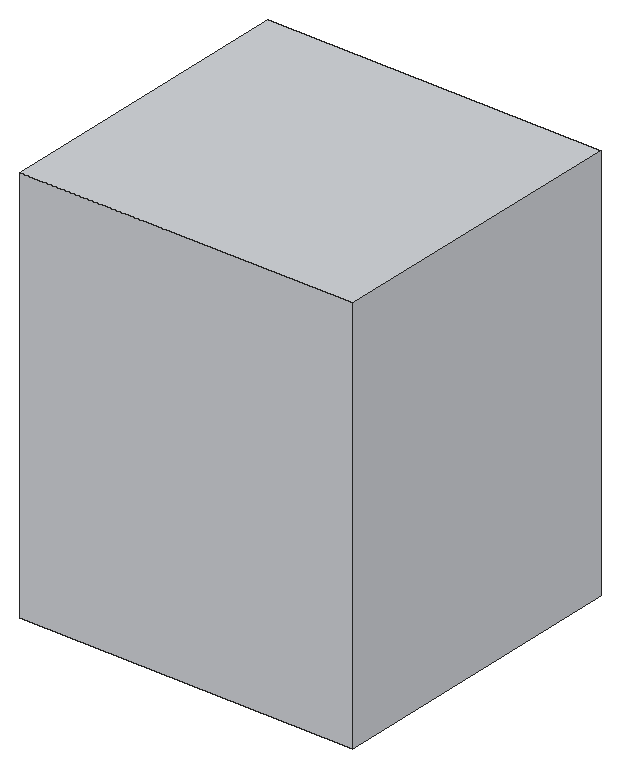
Revit family "M_Vapor conexão", category Terreno, Revit 2019
Family settings
  Cota do conector redondo = Usar raio
  Tipo de parte = Normal
  ID de item do Seek = Steam Connection-0000-CAN-ENU
  Com base no plano de trabalho = Não
  Sempre na vertical = Sim
  Corte com vazios quando carregada = Não
  Compartilhado = Não
Parameters (values of type "1500 mmx1400 mm")
  Largura = 1400 mm
  Raio da saída [instance] = 25 mm
  Diâmetro da saída [instance] = 2 * Raio da saída  # 50 mm
  Comprimento = 1500 mm
  Raio da embocadura [instance] = 25 mm
  Deslocamento de entrada da saída [instance] = 0 mm
  Deslocamento superior da parede do nível [instance] = 200 mm
  Deslocamento central de entrada do nível [instance] = 1000 mm
  Diâmetro da embocadura [instance] = 2 * Raio da embocadura  # 50 mm
  Altura = 1800 mm
  Deslocamento do conector [instance] = 200 mm
Types (3, lengths in mm): name | Largura | Raio da saída | Diâmetro da saída | Comprimento | Raio da embocadura | Diâmetro da embocadura
  (no name) | 1400 | 25 | 50 | 1500 | 25 | 50
  1500 mmx1400 mm | 1400 | 25 | 50 | 1500 | 25 | 50
  2100 mmx2000 mm | 2000 | 100 | 200 | 2100 | 100 | 200
Reference planes
  plane 1 "Centro (Frente/Trás)": y = 0
  plane 2: z = 0
  plane 3 "Centro (Esquerda/Direita)": x = 0
  plane 4: z = -1000
  plane 5: x = 1500
  plane 6: z = -200
  plane 7: z = -2000
  plane 8: y = 700
  plane 9: y = -700
  plane 10: z = -1000
  plane 11: x = 750
  plane 12: y = 200
Forms (mm)
  Extrusion 1, solid
    sketch origin (0, 0, 0) x (1, 0, 0) y (0, 0, 1)
      loop
        line (0, -200) -> (0, -2000) -> (1500, -2000) -> (1500, -200) -> (0, -200)
    from -700 to 700
  Extrusion 2, solid
    sketch origin (0, 0, 0) x (0, 1, 0) y (0, 0, 1)
      loop
        circle (200, -1000) r 25
    from 0 to 304.8
  Extrusion 3, solid
    sketch origin (0, 0, 0) x (0, 1, 0) y (0, 0, 1)
      loop
        circle (200, -1000) r 25
    from 811.822 to 1500
Cuts and joins
  joined: Extrusion 1, Extrusion 2, Extrusion 3
Lines and regions (mm)
  symbolic lines
    curve 1: line (0, 700, 0) -> (1500, 700, 0)
    curve 2: line (0, -700, 0) -> (0, 700, 0)
    curve 3: line (1500, -700, 0) -> (0, -700, 0)
    curve 4: line (1500, 700, 0) -> (1500, -700, 0)
Dimensions and locks
  "Comprimento": plane 5 to plane 3 "Centro (Esquerda/Direita)"
  "Altura": plane 6 to plane 7
  equal spacing: plane 9, plane 1 "Centro (Frente/Trás)", plane 8
  "Largura": plane 8 to plane 9
  "Deslocamento de entrada da saída": plane 10 to plane 4
  "Deslocamento superior da parede do nível": plane 2 to plane 6
  "Deslocamento central de entrada do nível": plane 2 to plane 10
  equal spacing: plane 3 "Centro (Esquerda/Direita)", plane 11, plane 5
  "Deslocamento do conector": plane 12 to plane 1 "Centro (Frente/Trás)"
  "Raio da embocadura": radius of Extrusion 2 sketch curve
  "Raio da saída": radius of Extrusion 3 sketch curve
  aligned and locked: level to plane 2
  aligned and locked: plane 3 "Centro (Esquerda/Direita)" to Extrusion 1 sketch curve
  aligned and locked: Extrusion 1 sketch curve to plane 6
  aligned and locked: plane 7 to Extrusion 1 sketch curve
  aligned and locked: Extrusion 1 sketch curve to plane 5
  aligned and locked: plane 8 to Extrusion 1
  aligned and locked: Extrusion 1 to plane 9
  aligned and locked: plane 10 to Extrusion 2 sketch curve
  aligned and locked: plane 4 to Extrusion 3 sketch curve
  aligned and locked: Extrusion 2 to plane 3 "Centro (Esquerda/Direita)"
  aligned and locked: plane 5 to Extrusion 3
  aligned and locked: plane 1 "Centro (Frente/Trás)" to nested 1
  aligned and locked: plane 11 to nested 1
  aligned and locked: plane 12 to Extrusion 2 sketch curve
  aligned and locked: plane 12 to Extrusion 3 sketch curve
  aligned and locked: plane 9 to curve 3
  aligned and locked: curve 4 to plane 5
  aligned and locked: curve 1 to plane 8
Automatic sketch dimensions
  curve 3 to plane 3 "Centro (Esquerda/Direita)" = 0 mm
Nested families
  nested 1: "Símbolo" at (750, 0, 0), type "Símbolo"
Connectors
  piping at (0, 200, -1000), diameter 50, driven by "Raio da embocadura"
    settings: on Extrusion 2, index 1, connector inside diameter 50 mm, connector length 0 mm, flow factor 0, pipe flow 0.0 L/s, pressure drop 0.0 Pa, fitting loss kfactor 0, connector angle 0.00°, fixture units 0, engagement length 0 mm, angle of deflection 0.00°, flow configuration 0, flow direction 1, fitting loss method 0, system type 29, joint type 0, gender type 0, connector reference index 2, connector utility 1, adjustable connector no, is connector primary yes, connector description "Entrada de vapor"
  piping at (1500, 200, -1000), diameter 50, driven by "Raio da saída"
    settings: on Extrusion 3, index 2, connector inside diameter 50 mm, connector length 0 mm, flow factor 0, pipe flow 0.0 L/s, pressure drop 0.0 Pa, fitting loss kfactor 0, connector angle 0.00°, fixture units 0, engagement length 0 mm, angle of deflection 0.00°, flow configuration 0, flow direction 2, fitting loss method 0, system type 29, joint type 0, gender type 0, connector reference index 1, connector utility 0, adjustable connector no, is connector primary no, connector description "Saída de vapor"
Definition of nested family "Símbolo"
  Reference planes
    plane 1: y = 0
    plane 2: x = 0
  Text (mm)
    text "Vapor" at (-0.586, 1.923, 0)
